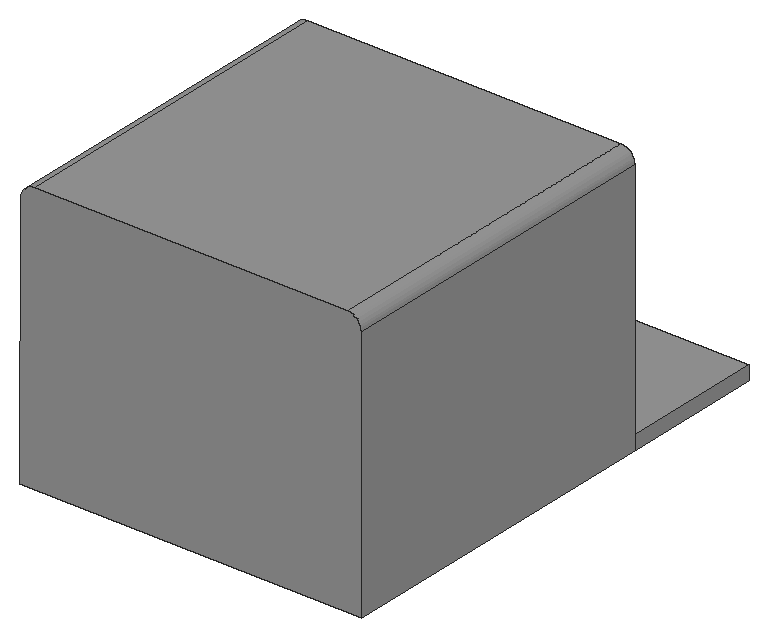
Revit family "Service_Sink-Willoughby-SS-2419-OF", category Plumbing Fixtures, Revit 2015
Parameters (values of type "2419-OF")
  Waste Connection = yes
  Vent Connection = no
  URL = "https://www.willoughby-ind.com/wp-content/uploads/2018/01/SS.pdf"
  Sink Right = 1' - 0"
  Sink Left = 1' - 0"
  SInk Size = 2' - 0"
  Revision = "A"
  Model = "SS-2419-OF"
  Manufacturer = "Willoughby Industries"
  Lav Waste DIA = 1 1/2"
  HW Connection = no
  Fixture Body = Stainless Steel AISI 304-Willoughby
  Description = "Wall Mount Service Sink"
  Default Elevation = 0' - 0"
  Contact = "(800) 428-4065"
  CW Connection = no
Reference planes (in)
  plane 1 "Center (Front/Back)": y = 0
  plane 2: z = 0
  plane 3 "Center (Left/Right)": x = 0
  plane 4 "Sink HGT": y = 30
  plane 5 "Top Of Unit": y = 20
  plane 6: x = -12
  plane 7: x = 12
  plane 8 "bottom of Basin": y = 20
  plane 9: z = 19
  plane 10: z = 1
  plane 11: y = 6
  plane 12 "Sink Drain": y = 17.5625
Forms (in)
  Extrusion 1, solid, material "Stainless Steel AISI 304-Willoughby" <- "Fixture Body"
    sketch origin (0, 20, 0) x (-1, 0, 0) y (0, 0, 1)
      loop
        line (12, 0) -> (12, 18)
        arc (12, 18) -> (11.70711, 18.70711) -> (11, 19) r 1
        line (11, 19) -> (-11, 19)
        arc (-11, 19) -> (-11.70711, 18.70711) -> (-12, 18) r 1
        line (-12, 18) -> (-12, 0) -> (12, 0)
    from -14 to 10
  Extrusion 2, solid, material "Stainless Steel AISI 304-Willoughby" <- "Fixture Body"
    sketch origin (0, 30, 0) x (-1, 0, 0) y (0, 0, 1)
      loop
        line (-12, 0) -> (12, 0) -> (12, 1) -> (-12, 1) -> (-12, 0)
    from 0 to 10
  Extrusion 3, void
    sketch origin (0, 30, 0) x (-1, 0, 0) y (0, 0, 1)
      loop
        arc (-10.5, 18) -> (-10.85355, 17.85355) -> (-11, 17.5) r 0.5
        line (-11, 17.5) -> (-11, 2.5)
        arc (-11, 2.5) -> (-10.85355, 2.14645) -> (-10.5, 2) r 0.5
        line (-10.5, 2) -> (10.5, 2)
        arc (10.5, 2) -> (10.85355, 2.14645) -> (11, 2.5) r 0.5
        line (11, 2.5) -> (11, 17.5)
        arc (11, 17.5) -> (10.85355, 17.85355) -> (10.5, 18) r 0.5
        line (10.5, 18) -> (-10.5, 18)
    from 0 to -10
  Revolve 4, solid, material "Stainless Steel AISI 304-Willoughby" <- "Fixture Body"
    sketch origin (0, 17.5625, -1) x (-1, 0, 0) y (0, 0, 1)
      loop
        line (0, 1) -> (0.75, 1) -> (0.75, 2) -> (0, 2) -> (0, 1)
      axis (0, 2) -> (0, 1)
    angle from 0 to 360
Cuts and joins
  Extrusion 3 cuts Extrusion 1
Lines and regions (in)
  symbolic lines
    curve 1: line (-12, 6, 0) -> (-12, 30, 0)
    curve 2: line (-12, 30, 0) -> (12, 30, 0)
    curve 3: line (12, 30, 0) -> (12, 6, 0)
    curve 4: line (12, 6, 0) -> (-12, 6, 0)
    curve 5: line (-12, 30, 0) -> (-12, 40, 0)
    curve 6: line (-12, 40, 0) -> (12, 40, 0)
    curve 7: line (12, 40, 0) -> (12, 30, 0)
    curve 23: line (0, 6, 0) -> (0, 30, 0)
    curve 24: line (0, 30, 0) -> (0, 30, 19)
    curve 25: line (0, 30, 19) -> (0, 6, 19)
    curve 26: line (0, 6, 19) -> (0, 6, 0)
  symbolic lines, detail levels medium+fine
    curve 8: line (-12, 17.5625, 0) -> (12, 17.5625, 0)
    curve 9: line (12, 17.5625, 0) -> (12, 17.5625, 18)
    curve 10: arc (12, 17.5625, 18) -> (11.70711, 17.5625, 18.70711) -> (11, 17.5625, 19) r 1
    curve 11: line (11, 17.5625, 19) -> (-11, 17.5625, 19)
    curve 12: arc (-11, 17.5625, 19) -> (-11.70711, 17.5625, 18.70711) -> (-12, 17.5625, 18) r 1
    curve 13: line (-12, 17.5625, 18) -> (-12, 17.5625, 0)
    curve 14: line (-12, 17.5625, 1) -> (12, 17.5625, 1)
    curve 22: arc (10.5, 17.5625, 2) -> (10.85355, 17.5625, 2.14645) -> (11, 17.5625, 2.5) r 0.5
    curve 27: line (0, 30, 0) -> (0, 40, 0)
    curve 28: line (0, 40, 0) -> (0, 40, 1)
    curve 29: line (0, 40, 1) -> (0, 30, 1)
  symbolic lines, detail levels fine
    curve 15: line (11, 17.5625, 2.5) -> (11, 17.5625, 17.5)
    curve 16: arc (11, 17.5625, 17.5) -> (10.85355, 17.5625, 17.85355) -> (10.5, 17.5625, 18) r 0.5
    curve 17: line (10.5, 17.5625, 18) -> (-10.5, 17.5625, 18)
    curve 18: arc (-10.5, 17.5625, 18) -> (-10.85355, 17.5625, 17.85355) -> (-11, 17.5625, 17.5) r 0.5
    curve 19: line (-11, 17.5625, 17.5) -> (-11, 17.5625, 2.5)
    curve 20: arc (-11, 17.5625, 2.5) -> (-10.85355, 17.5625, 2.14645) -> (-10.5, 17.5625, 2) r 0.5
    curve 21: line (-10.5, 17.5625, 2) -> (10.5, 17.5625, 2)
Dimensions and locks (in)
  plane 1 "Center (Front/Back)" to plane 4 "Sink HGT" = 2' - 6"
  plane 1 "Center (Front/Back)" to plane 5 "Top Of Unit" = 1' - 8"
  "SInk Size": plane 4 "Sink HGT" to plane 11
  "Sink Left": plane 6 to plane 3 "Center (Left/Right)"
  "Sink Right": plane 3 "Center (Left/Right)" to plane 7
  aligned and locked: plane 9 to Extrusion 1
  aligned and locked: plane 6 to Extrusion 1
  aligned and locked: Extrusion 1 to plane 7
  aligned and locked: Extrusion 1 to level
  aligned and locked: plane 4 "Sink HGT" to Extrusion 1
  aligned and locked: plane 10 to Extrusion 2
  aligned and locked: plane 6 to Extrusion 2
  aligned and locked: Extrusion 2 to level
  aligned and locked: Extrusion 2 to plane 7
  aligned and locked: Extrusion 2 to plane 4 "Sink HGT"
  aligned and locked: Extrusion 1 to Extrusion 2
  aligned and locked: Extrusion 2 to Extrusion 1
  aligned and locked: Extrusion 1 to plane 11
  aligned and locked: Extrusion 3 to plane 4 "Sink HGT"
  aligned and locked: plane 5 "Top Of Unit" to Extrusion 3
  aligned and locked: Revolve 4 sketch curve to Revolve 4 sketch curve  (x2)
  aligned and locked: curve 13 to curve 14
  aligned and locked: curve 14 to Extrusion 2
Automatic sketch dimensions
  curve 1 to plane 6 = 0' - 0"
  curve 3 to plane 7 = 0' - 0"
  curve 1 to plane 11 = 0' - 0"
  curve 3 to plane 4 "Sink HGT" = 0' - 0"
  curve 2 to curve 6 = 0' - 10"
  curve 23 to level = 0' - 0"
  curve 23 to plane 11 = 0' - 0"
  curve 25 to plane 4 "Sink HGT" = 0' - 0"
  curve 28 to plane 10 = 0' - 0"
  curve 24 to plane 9 = 0' - 0"
  curve 29 to curve 28 = 0' - 10"
  Extrusion 1 sketch curve to level = 0' - 0"
  plane 7 to Extrusion 1 sketch curve = 0' - 0"
  Extrusion 1 sketch curve to plane 9 = 0' - 0"
  plane 6 to Extrusion 1 sketch curve = 0' - 0"
  plane 7 to Extrusion 1 sketch curve = 0' - 1"
  Extrusion 1 sketch curve to plane 6 = 0' - 1"
  plane 7 to Extrusion 2 sketch curve = 0' - 0"
  Extrusion 2 sketch curve to level = 0' - 0"
  plane 6 to Extrusion 2 sketch curve = 0' - 0"
  Extrusion 2 sketch curve to plane 10 = 0' - 0"
  plane 7 to Extrusion 3 sketch curve = 0' - 1"
  Extrusion 3 sketch curve to Extrusion 3 sketch curve = 0' - 0 1/2"  (x3)
  Extrusion 3 sketch curve to plane 6 = 0' - 1 1/2"  (x2)
  plane 10 to Extrusion 3 sketch curve = 0' - 1"
  Extrusion 3 sketch curve to plane 9 = 0' - 1 1/2"
  Revolve 4 sketch curve to level = 0' - 0"  (x2)
  Revolve 4 sketch curve to plane 3 "Center (Left/Right)" = 0' - 0"
  Revolve 4 sketch curve to plane 10 = 0' - 0"
  Revolve 4 sketch curve to Revolve 4 sketch curve = 0' - 0 3/4"
  plane 7 to curve 10 = 0' - 0"
  curve 10 to plane 9 = 0' - 0"
  plane 6 to curve 13 = 0' - 0"
  curve 8 to level = 0' - 0"
  plane 7 to curve 11 = 0' - 1"
  plane 7 to curve 15 = 0' - 1"
  curve 10 to curve 17 = 0' - 0 1/2"
  curve 15 to curve 21 = 0' - 0 1/2"
  curve 18 to plane 6 = 0' - 1 1/2"
  curve 21 to plane 6 = 0' - 1 1/2"
  curve 18 to curve 19 = 0' - 0 1/2"
  curve 17 to curve 12 = 0' - 0 1/2"
  plane 10 to curve 21 = 0' - 1"
  curve 19 to curve 12 = 0' - 0 1/2"
Connectors (in)
  piping at (0, 17.5625, 0), diameter 1.5, driven by "Lav Waste DIA", driven by "Waste Connection"
    settings: on Revolve 4, index 1, connector inside diameter 24", connector length 0' - 0", flow factor 0, pipe flow 0 GPM, pressure drop 0.00 psi, fitting loss kfactor 0, connector angle 0.00°, fixture units 0, engagement length 0' - 0", angle of deflection 0.00°, flow configuration 0, flow direction 2, fitting loss method 0, system type 16, joint type 0, gender type 0, connector reference index -1, connector utility 1, adjustable connector no, is connector primary yes, connector description "Sink Waste"
